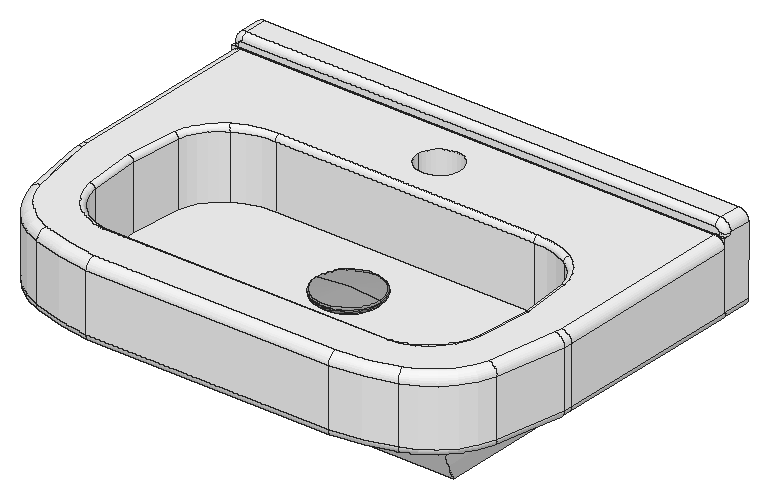
Revit family "NLRS_74_PF_UN_wastafel_S8400210000_SPHINX_BCB", category Plumbing Fixtures, Revit 2016
Family settings
  Part Type = Normal
  Round Connector Dimension = Use Radius
  OmniClass Number = 23.45.00.00
  OmniClass Title = Sanitary, Laundry, and Cleaning Equipment
  Work Plane-Based = No
  Always vertical = Yes
  Cut with Voids When Loaded = No
  Shared = No
  Room Calculation Point = No
Parameters (values of type "fontein 40 cm zonder overloop")
  NLRS_C_type = "Wastafel met kraangat en zonder overloop"
  NLRS_C_serie = "300 Basic"
  NLRS_C_revit_versie = "2016"
  NLRS_C_content_versie = "2.0"
  NLRS_C_content_provider = "BouwConnect"
  NLRS_C_content_datum_uitgifte = "APR-2018"
  NLRS_C_content_datum_gewijzigd = "APR-2018"
  NLRS_C_content_creator = "BouwConnect"
  NLRS_C_URL_product_data = "http://www.sphinx.nl/producten/wastafels-%7C-fonteinen/fonteinen/sphinx-300-basic-%7C-fontein-40-cm/27328/"
  Waste Connection = yes
  WFU = 0
  URL = "http://www.sphinx.nl/"
  Type Comments = ""
  NLRS_S_gewicht = 6.00 kg
  NLRS_C_materiaal = none
  NLRS_C_lengte = 295 mm
  NLRS_C_hoogte = 150 mm
  NLRS_C_diameter_uit = 45 mm
  NLRS_C_diameter_in = 35 mm
  NLRS_C_breedte = 400 mm
  Model = "300 fontein 40 cm zonder overloop"  # constant formula
  Manufacturer = "Sphinx"  # constant formula
  Keynote = ""
  IfcTypeProduct = "IfcSanitaryTerminalType"
  IfcExportType = "SINK"
  IfcExportAs = "IfcSanitaryTerminalTypeEnum"
  IfcElement = "IfcFlowTerminal"
  NLRS_C_code_EAN = "8711754217645"
  Description = "wastafel"
  CWFU = 0
  NLRS_C_URL_BCB = "http://bcb-online.nl/?zoekterm=Sphinx+++%5bGeberit+B.V.%5d"
  Assembly Code = "47.11"
Reference planes
  plane 1 "Center (Front/Back)": y = 0
  plane 2: z = 0
  plane 3 "Center (Left/Right)": x = 0
Forms (mm)
  Extrusion 1, solid, material "74_porcelein_wit", detail levels coarse
    sketch origin (0, 0, 0) x (1, 0, 0) y (0, 1, 0)
      loop
        line (0, 0) -> (-199.781, 0) -> (-197.695, -181.43)
        arc (-197.695, -181.43) -> (-195.366, -211.76) -> (-189.117, -241.531) r 233.674
        arc (-189.117, -241.531) -> (-173.329, -269.623) -> (-146.354, -287.25) r 67.787
        arc (-146.354, -287.25) -> (-122.537, -293.928) -> (-98.053, -297.44) r 189.099
        arc (-98.053, -297.44) -> (0, -301.218) -> (98.053, -297.44) r 1274.287
        arc (98.053, -297.44) -> (122.537, -293.928) -> (146.354, -287.25) r 189.099
        arc (146.354, -287.25) -> (173.329, -269.623) -> (189.117, -241.531) r 67.787
        arc (189.117, -241.531) -> (195.366, -211.76) -> (197.695, -181.43) r 233.674
        line (197.695, -181.43) -> (199.781, 0) -> (0, 0)
    from -100 to 0
  Extrusion 2, void, detail levels medium+fine
    sketch origin (0, 0, 0) x (0, 1, 0) y (0, 0, 1)
      loop
        line (-276.978, -60) -> (-276.978, -115) -> (-231.978, -115) -> (-231.978, -101.427)
        arc (-231.978, -101.427) -> (-249.932, -82.009) -> (-264.595, -60) r 166.947
        line (-264.595, -60) -> (-276.978, -60)
    from -250 to 250
  Sweep 3, solid, material "74_porcelein_wit", detail levels medium+fine
    path origin (2000, 0, 0) x (1, 0, 0) y (0, 1, 0)
      loop
        line (-2181.482, -22.832) -> (-2181.482, -178.856)
        arc (-2181.482, -178.856) -> (-2181.427, -181.443) -> (-2181.264, -184.025) r 61.389
        arc (-2181.264, -184.025) -> (-2177.758, -210.582) -> (-2171.779, -236.695) r 285.463
        arc (-2171.779, -236.695) -> (-2160.184, -257.327) -> (-2140.371, -270.273) r 49.787
        arc (-2140.371, -270.273) -> (-2118.822, -276.315) -> (-2096.668, -279.493) r 171.099
        arc (-2096.668, -279.493) -> (-2000, -283.218) -> (-1903.332, -279.493) r 1256.287
        arc (-1903.332, -279.493) -> (-1881.178, -276.315) -> (-1859.629, -270.273) r 171.099
        arc (-1859.629, -270.273) -> (-1839.816, -257.327) -> (-1828.221, -236.695) r 49.787
        arc (-1828.221, -236.695) -> (-1822.242, -210.582) -> (-1818.736, -184.025) r 285.463
        arc (-1818.736, -184.025) -> (-1818.573, -181.443) -> (-1818.518, -178.856) r 61.389
        line (-1818.518, -178.856) -> (-1818.518, -22.832)
    profile origin (0, -283.218, 0) x (0, 1, 0) y (0, 0, 1)
      loop
        line (-18, -8) -> (-18, -54)
        arc (-18, -54) -> (-16.243, -58.243) -> (-12, -60) r 6
        line (-12, -60) -> (12, -60) -> (12, 0) -> (-10, 0)
        arc (-10, 0) -> (-15.657, -2.343) -> (-18, -8) r 8
  Sweep 4, void, detail levels medium+fine
    path origin (1000.009, 2.329, 0) x (1, 0, 0) y (0, 1, 0)
      loop
        arc (-1154.349, -136.641) -> (-1157.087, -156.881) -> (-1157.981, -177.286) r 225.34
        arc (-1157.981, -177.286) -> (-1157.072, -198.848) -> (-1154.416, -220.266) r 265.74
        arc (-1154.416, -220.266) -> (-1140.831, -245.716) -> (-1114.583, -257.687) r 45
        arc (-1114.583, -257.687) -> (-999.997, -263.512) -> (-885.411, -257.687) r 1129.92
        arc (-885.411, -257.687) -> (-859.163, -245.716) -> (-845.578, -220.266) r 45
        arc (-845.578, -220.266) -> (-842.922, -198.848) -> (-842.013, -177.286) r 265.74
        arc (-842.013, -177.286) -> (-842.907, -156.881) -> (-845.645, -136.641) r 225.34
        arc (-845.645, -136.641) -> (-852.308, -120.503) -> (-865.013, -108.528) r 41.543
        arc (-865.013, -108.528) -> (-879.713, -102.172) -> (-895.581, -100) r 59.048
        line (-895.581, -100) -> (-1104.413, -100)
        arc (-1104.413, -100) -> (-1120.281, -102.172) -> (-1134.981, -108.528) r 59.048
        arc (-1134.981, -108.528) -> (-1147.686, -120.503) -> (-1154.349, -136.641) r 41.543
    profile origin (0.012, -97.671, 0) x (0, -1, 0) y (0, 0, 1)
      loop
        arc (-4, 0) -> (-1.172, -1.172) -> (0, -4) r 4
        line (0, -4) -> (16, -4) -> (16, 5) -> (-4, 5) -> (-4, 0)
  Extrusion 5, solid, material "74_porcelein_wit", detail levels medium+fine
    sketch origin (0, 0, 0) x (1, 0, 0) y (0, 0, 1)
      loop
        arc (-165.507, -60) -> (-157.872, -80.558) -> (-147.725, -100) r 175.028
        line (-147.725, -100) -> (147.725, -100)
        arc (147.725, -100) -> (157.872, -80.558) -> (165.507, -60) r 175.028
        line (165.507, -60) -> (-165.507, -60)
    from 0 to 273.986
  Extrusion 6, void, detail levels medium+fine
    sketch origin (500, 0, 0) x (1, 0, 0) y (0, 1, 0)
      loop
        arc (-634.973, -106.199) -> (-647.677, -118.174) -> (-654.34, -134.312) r 41.543
        arc (-654.34, -134.312) -> (-657.078, -154.552) -> (-657.973, -174.957) r 225.34
        arc (-657.973, -174.957) -> (-657.063, -196.519) -> (-654.407, -217.937) r 265.74
        arc (-654.407, -217.937) -> (-640.823, -243.387) -> (-614.575, -255.358) r 45
        arc (-614.575, -255.358) -> (-499.988, -261.183) -> (-385.402, -255.358) r 1129.92
        arc (-385.402, -255.358) -> (-359.154, -243.387) -> (-345.569, -217.937) r 45
        arc (-345.569, -217.937) -> (-342.913, -196.519) -> (-342.004, -174.957) r 265.74
        arc (-342.004, -174.957) -> (-342.898, -154.552) -> (-345.637, -134.312) r 225.34
        arc (-345.637, -134.312) -> (-352.299, -118.174) -> (-365.004, -106.199) r 41.543
        arc (-365.004, -106.199) -> (-379.704, -99.843) -> (-395.572, -97.671) r 59.048
        line (-395.572, -97.671) -> (-604.404, -97.671)
        arc (-604.404, -97.671) -> (-620.272, -99.843) -> (-634.973, -106.199) r 59.048
    from -55 to 20
  Extrusion 7, void, detail levels coarse
    sketch origin (1000, 0, 0) x (1, 0, 0) y (0, 1, 0)
      loop
        arc (-1154.349, -136.641) -> (-1157.087, -156.881) -> (-1157.981, -177.286) r 225.34
        arc (-1157.981, -177.286) -> (-1157.072, -198.848) -> (-1154.416, -220.266) r 265.74
        arc (-1154.416, -220.266) -> (-1140.831, -245.716) -> (-1114.583, -257.687) r 45
        arc (-1114.583, -257.687) -> (-999.997, -263.512) -> (-885.411, -257.687) r 1129.92
        arc (-885.411, -257.687) -> (-859.163, -245.716) -> (-845.578, -220.266) r 45
        arc (-845.578, -220.266) -> (-842.922, -198.848) -> (-842.013, -177.286) r 265.74
        arc (-842.013, -177.286) -> (-842.907, -156.881) -> (-845.645, -136.641) r 225.34
        arc (-845.645, -136.641) -> (-852.308, -120.503) -> (-865.013, -108.528) r 41.543
        arc (-865.013, -108.528) -> (-879.713, -102.172) -> (-895.581, -100) r 59.048
        line (-895.581, -100) -> (-1104.413, -100)
        arc (-1104.413, -100) -> (-1120.281, -102.172) -> (-1134.981, -108.528) r 59.048
        arc (-1134.981, -108.528) -> (-1147.686, -120.503) -> (-1154.349, -136.641) r 41.543
    from -90.091 to 20
  Sweep 8, solid, material "74_porcelein_wit", detail levels medium+fine
    path origin (-697.312, 0, 0) x (1, 0, 0) y (0, 0, 1)
      loop
        line (896.794, -8) -> (896.794, 2)
        arc (896.794, 2) -> (894.45, 7.657) -> (888.794, 10) r 8
        line (888.794, 10) -> (505.83, 10)
        arc (505.83, 10) -> (500.173, 7.657) -> (497.83, 2) r 8
        line (497.83, 2) -> (497.83, -8)
    profile origin (0, 0, 10) x (0, 0, -1) y (0, -1, 0)
      loop
        line (0, 0) -> (5, 0) -> (5, 22.832)
        arc (5, 22.832) -> (1.464, 21.367) -> (0, 17.832) r 5
        line (0, 17.832) -> (0, 0)
  Extrusion 9, solid, material "74_porcelein_wit", detail levels medium+fine
    sketch origin (0, 0, 0) x (1, 0, 0) y (0, 1, 0)
      loop
        arc (-181.482, -178.856) -> (-181.427, -181.443) -> (-181.264, -184.025) r 61.389
        arc (-181.264, -184.025) -> (-177.758, -210.582) -> (-171.779, -236.695) r 285.463
        arc (-171.779, -236.695) -> (-160.184, -257.327) -> (-140.371, -270.273) r 49.787
        arc (-140.371, -270.273) -> (-118.822, -276.315) -> (-96.668, -279.493) r 171.099
        arc (-96.668, -279.493) -> (0, -283.218) -> (96.668, -279.493) r 1256.287
        arc (96.668, -279.493) -> (118.822, -276.315) -> (140.371, -270.273) r 171.099
        arc (140.371, -270.273) -> (160.184, -257.327) -> (171.779, -236.695) r 49.787
        arc (171.779, -236.695) -> (177.758, -210.582) -> (181.264, -184.025) r 285.463
        arc (181.264, -184.025) -> (181.427, -181.443) -> (181.482, -178.856) r 61.389
        line (181.482, -178.856) -> (181.482, -22.832) -> (-181.482, -22.832) -> (-181.482, -178.856)
    from -60 to 0
  Extrusion 10, solid, material "74_porcelein_wit", detail levels medium+fine
    sketch origin (0, 0, 100) x (1, 0, 0) y (0, 0, 1)
      loop
        line (199.482, -154) -> (199.482, -100) -> (-199.482, -100) -> (-199.482, -154)
        arc (-199.482, -154) -> (-197.724, -158.243) -> (-193.482, -160) r 6
        line (-193.482, -160) -> (193.482, -160)
        arc (193.482, -160) -> (197.724, -158.243) -> (199.482, -154) r 6
    from 0 to 23.856
  Extrusion 11, solid, material "74_porcelein_wit", detail levels medium+fine
    sketch origin (0, 0, 0) x (1, 0, 0) y (0, 0, 1)
      loop
        line (-194.482, 0) -> (194.482, 0) -> (194.482, 2)
        arc (194.482, 2) -> (193.603, 4.121) -> (191.482, 5) r 3
        line (191.482, 5) -> (-191.482, 5)
        arc (-191.482, 5) -> (-193.603, 4.121) -> (-194.482, 2) r 3
        line (-194.482, 2) -> (-194.482, 0)
    from 0 to 22.832
  Extrusion 12, void, detail levels medium+fine
    sketch origin (-955.096, -14.568, 0) x (1, 0, 0) y (0, 1, 0)
      loop
        circle (955.096, -140.432) r 23
    from -120 to 100
  Revolve 13, solid, material "74_metaal_generiek", detail levels fine
    sketch origin (-678.561, -155, 3) x (1, 0, 0) y (0, 0, 1)
      loop
        line (678.561, -55) -> (678.561, -50)
        arc (678.561, -50) -> (665.951, -50.412) -> (653.417, -51.862) r 153.083
        arc (653.417, -51.862) -> (652.802, -52.206) -> (652.558, -52.868) r 1.018
        line (652.558, -52.868) -> (652.558, -54)
        arc (652.558, -54) -> (652.85, -54.707) -> (653.558, -55) r 1
        line (653.558, -55) -> (678.561, -55)
      axis (678.561, -55) -> (678.561, -50)
    angle from 0 to 360
  Extrusion 14, void, detail levels medium+fine
    sketch origin (0, 0, 0) x (0, 1, 0) y (0, 0, 1)
      loop
        line (0, -100) -> (0, -65) -> (-75, -65) -> (-79, -100) -> (0, -100)
    from -251.26 to 250
  Extrusion 15, void, detail levels fine
    sketch origin (0, -371.127, 0) x (1, 0, 0) y (0, 1, 0)
      loop
        circle (-2.537, 311.127) r 17.5
    from -200 to 100
  Extrusion 16, solid, not visible, detail levels medium+fine
    sketch origin (0, 0, -100) x (1, 0, 0) y (0, 1, 0)
      loop
        circle (0, -155) r 22.5
    from 0 to 5
Cuts and joins
  Extrusion 2 cuts Sweep 3
  Extrusion 2, Sweep 4, Extrusion 6, Extrusion 12, Extrusion 15 cuts Extrusion 9
  joined: Sweep 3, Extrusion 9
  Extrusion 2, Extrusion 12, Extrusion 14 cuts Extrusion 5
  joined: Extrusion 5, Sweep 8, Extrusion 10, Extrusion 11
  Extrusion 7 cuts Extrusion 1
Dimensions and locks
  aligned and locked: level to plane 2
Connectors
  piping at (0, -155, -100), diameter 50, driven by "WFU"
    settings: on Extrusion 16, index 1, connector inside diameter 50 mm, connector length 0 mm, flow factor 0, pipe flow 0.0 L/s, pressure drop 0.0 Pa, fitting loss kfactor 0, connector angle 0.00°, fixture units 0, engagement length 0 mm, angle of deflection 0.00°, flow configuration 3, flow direction 2, fitting loss method 0, system type 16, joint type 0, gender type 0, connector reference index -1, connector utility 0, adjustable connector no, is connector primary yes, connector description "out"
